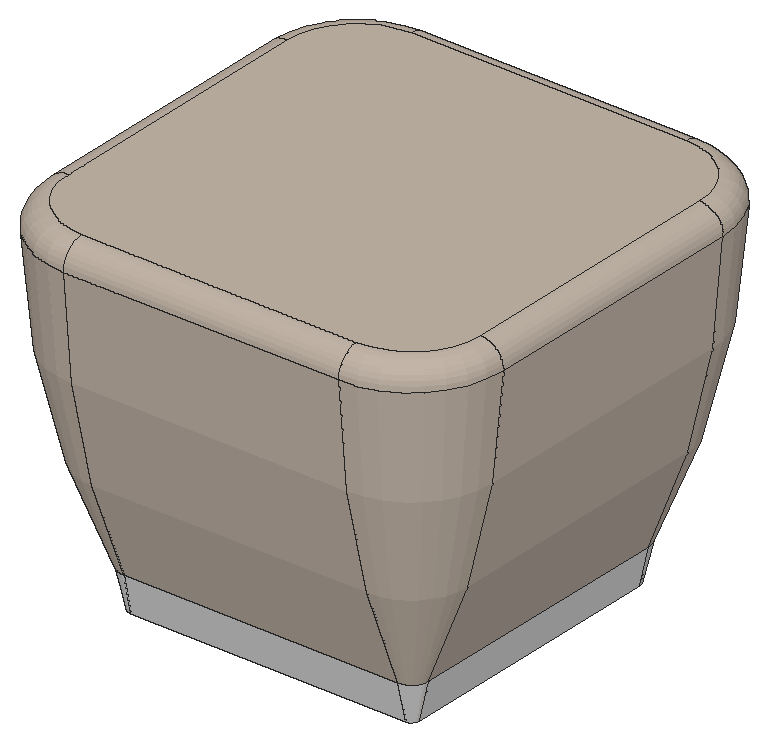
Revit family "FU_Chair_Sandler_DIADEMA 04020", category Furniture, Revit 2020
Family settings
  OmniClass Number = 23.21.23.15.17
  Work Plane-Based = Yes
  Always vertical = No
  Cut with Voids When Loaded = No
  Shared = No
  Room Calculation Point = No
Parameters (values of type "DIADEMA 04020")
  Youtube clip = ""
  Uniformat II Description = "Movable Furnishings"
  Uniformat II Code = ""
  Uniclass 2015 Name = ""
  Uniclass 2015 Code = ""
  Uniclass 2.0 Description = ""
  Uniclass 2.0 Code = ""
  Uniclass 1.4 Description = ""
  Uniclass 1.4 Code = ""
  UNSPSC Code = ""
  Technical description = ""
  Shell Material = Fabric - Gravity - Wheat CPC21
  Frame Material = Wood - Beech - 7047 Light Grey
  Region South America = "All"
  Region Oceania = "All"
  Region North America = "All"
  Region Middle East = "All"
  Region Europe = "All"
  Region Asia = "All"
  Region Antarctica = "All"
  Region Africa = "All"
  QR code = "https://www.sandlerseating.com/product/diadema-04020/"
  Product url = "https://www.sandlerseating.com/product/diadema-04020/"
  Product name = "DIADEMA 04020"
  Product group = "Chair"
  Product family = "Furniture"
  Product data url = "https://www.sandlerseating.com/product/diadema-04020/"
  Product certification = ""
  Product SKU = "??"
  Product Guid = "??"
  OmniClass Description = ""
  OmniClass Code = "23-21 23 15 17"
  NBS Reference Description = ""
  NBS Reference Code = ""
  Model = "DIADEMA 04020"
  Masterformat 2014 Description = "Chair Mats"
  Masterformat 2014 Code = "12 48 43.13"
  Manufacturer name = "Sandler"
  Manufacturer country = "USA"
  Manufacturer = "Sandler"
  Installation instructions = ""
  IFC Classification = "Furnishing Element"
  GTIN code = ""
  Edition number = 1
  Design country = "Brasil"
  Description = "Chair"
  Default Elevation = 0.000 mm
  Date of publishing = ""
  COBIe Type Category = ""
  Brand url = "https://www.sandlerseating.com/"
  BIMobject main category code = "furniture"
  BIMobject main category = "Furniture"
  BIMobject category code = "furniture-chair"
  BIMobject category = "Chair"
Reference planes
  plane 1 "Center Front/Back": y = 0
  plane 2: z = 0
  plane 3 "Center Left/Right": x = 0
Forms (mm)
  Extrusion 1, solid, material "Fabric - Gravity - Wheat CPC21" <- "Shell Material"
    sketch origin (0, 0, 855) x (-1, 0, 0) y (0, -1, 0)
      loop
        line (149.823, 249.82) -> (-149.072, 249.82)
        arc (-149.072, 249.82) -> (-219.783, 220.531) -> (-249.072, 149.82) r 100
        line (-249.072, 149.82) -> (-249.072, -149.086)
        arc (-249.072, -149.086) -> (-219.783, -219.797) -> (-149.072, -249.086) r 100
        line (-149.072, -249.086) -> (149.823, -249.086)
        arc (149.823, -249.086) -> (220.533, -219.797) -> (249.823, -149.086) r 100
        line (249.823, -149.086) -> (249.823, 149.82)
        arc (249.823, 149.82) -> (220.533, 220.531) -> (149.823, 249.82) r 100
    from -813.059 to -456.62
  Sweep 2, void
    path in 3D
      loop
        arc (-249.823, -149.82, 398.38) -> (-220.533, -220.531, 398.38) -> (-149.823, -249.82, 398.38) r 100
        line (-149.823, -249.82, 398.38) -> (149.072, -249.82, 398.38)
        arc (149.072, -249.82, 398.38) -> (219.783, -220.531, 398.38) -> (249.072, -149.82, 398.38) r 100
        line (249.072, -149.82, 398.38) -> (249.072, 149.086, 398.38)
        arc (249.072, 149.086, 398.38) -> (219.783, 219.797, 398.38) -> (149.072, 249.086, 398.38) r 100
        line (149.072, 249.086, 398.38) -> (-149.823, 249.086, 398.38)
        arc (-149.823, 249.086, 398.38) -> (-220.533, 219.797, 398.38) -> (-249.823, 149.086, 398.38) r 100
        line (-249.823, 149.086, 398.38) -> (-249.823, -149.82, 398.38)
    profile origin (-249.823, -0.367, 398.38) x (1, 0, 0) y (0, 0, 1)
      loop
        arc (0.363, -25.747) -> (7.412, -7.588) -> (25.351, 0) r 25
        line (25.351, 0) -> (25.351, 15) -> (-29.649, 15) -> (-29.649, -383.38) -> (95.029, -383.38)
        arc (95.029, -383.38) -> (27.141, -210.004) -> (0.363, -25.747) r 815.239
  Blend 3, solid, material "Wood - Beech - 7047 Light Grey" <- "Frame Material"
    base sketch origin (0, 0, 840) x (-1, 0, 0) y (0, -1, 0)
      loop
        arc (168.45, 149.82) -> (162.994, 162.991) -> (149.823, 168.447) r 18.627
        line (149.823, 168.447) -> (-149.072, 168.447)
        arc (-149.072, 168.447) -> (-162.243, 162.991) -> (-167.699, 149.82) r 18.627
        line (-167.699, 149.82) -> (-167.699, -149.086)
        arc (-167.699, -149.086) -> (-162.243, -162.257) -> (-149.072, -167.713) r 18.627
        line (-149.072, -167.713) -> (149.823, -167.713)
        arc (149.823, -167.713) -> (162.994, -162.257) -> (168.45, -149.086) r 18.627
        line (168.45, -149.086) -> (168.45, 149.82)
    top sketch origin (0, 0, 840) x (-1, 0, 0) y (0, -1, 0)
      loop
        line (149.823, 158.447) -> (-149.072, 158.447)
        arc (-149.072, 158.447) -> (-155.172, 155.92) -> (-157.699, 149.82) r 8.627
        line (-157.699, 149.82) -> (-157.699, -149.086)
        arc (-157.699, -149.086) -> (-155.172, -155.186) -> (-149.072, -157.713) r 8.627
        line (-149.072, -157.713) -> (149.823, -157.713)
        arc (149.823, -157.713) -> (155.923, -155.186) -> (158.45, -149.086) r 8.627
        line (158.45, -149.086) -> (158.45, 149.82)
        arc (158.45, 149.82) -> (155.923, 155.92) -> (149.823, 158.447) r 8.627
    from -798.059 to -840
Cuts and joins
  Sweep 2 cuts Extrusion 1
Lines and regions (mm)
  sketch lines
    curve 1: line (-249.823, 149.086, 398.38) -> (-249.823, -149.82, 398.38)
    curve 2: arc (-149.823, -249.82, 398.38) -> (-220.533, -220.531, 398.38) -> (-249.823, -149.82, 398.38) r 100
    curve 3: line (-149.823, -249.82, 398.38) -> (149.072, -249.82, 398.38)
    curve 4: arc (249.072, -149.82, 398.38) -> (219.783, -220.531, 398.38) -> (149.072, -249.82, 398.38) r 100
    curve 5: line (249.072, -149.82, 398.38) -> (249.072, 149.086, 398.38)
    curve 6: arc (149.072, 249.086, 398.38) -> (219.783, 219.797, 398.38) -> (249.072, 149.086, 398.38) r 100
    curve 7: line (149.072, 249.086, 398.38) -> (-149.823, 249.086, 398.38)
    curve 8: arc (-249.823, 149.086, 398.38) -> (-220.533, 219.797, 398.38) -> (-149.823, 249.086, 398.38) r 100
Dimensions and locks
  aligned and locked: level to plane 2
